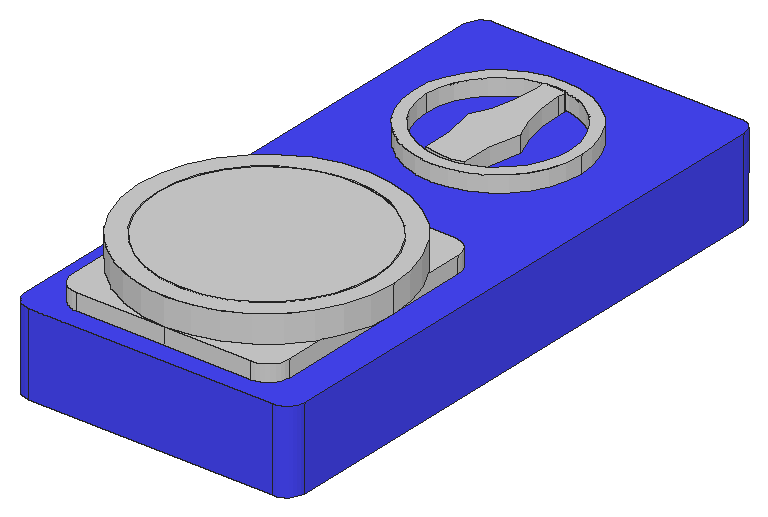
Revit family "Building-ConnessioniIEC309-GEWISS-67IB-PRESE-INTERBLOCCATE_IP67_SENZA_FONDO_FUS", category Apparecchi elettrici, host Superficie, Revit 2019
Family settings
  Host = Superficie
  Mantenere orientamento annotazione = Sì
  Quota connettore circolare = Usa diametro
  Tipo di parte = Normale
  Taglio con vuoti quando caricato = Sì
  Condiviso = Sì
  Punto di calcolo locali = Sì
Parameters (values of type "GW66358N - PR.BL IP67 S.F.3P+T 32A 380V 3H CBF")
  presa = rosso
  giallo = 0 mm
  dist_piano [instance] = 26 mm
  Vista_2d_pianta [instance] = yes
  Versione file RFA = "21.4"
  URL = "https://www.gewiss.com/it/it"
  Tipologia = "Verticale"
  Tipo fusibile = "Ø 10,3x38 mm"
  Termopressione con biglia = "125 °C"
  Tensione nominale: = "380 - 440 V"
  Tensione nominale di tenuta ad impulso = "4KV"
  Tensione nominale di isolamento (Ui) = "500V"
  Tensione nominale = "380 - 440 V"
  Temperatura di utilizzo = "-25 +40 °C"
  Temperatura di funzionamento = "-25 ÷ +40 °C"
  Struttura = Grigio RAL - 7035
  Simbolo presa = PRESAINDSTAGNA : 3P
  Simbolo [instance] = yes
  Simb_circuito [instance] = not(Simbolo)  # no
  Scheda Tecnica = "https://www.gewiss.com/it/it/search?q=GW66358N"
  SEO = "Presa"
  Riferimento h = "3"
  Resistenza agli urti = "IK08"
  Protezione = "Base portafusibile (CBF)"
  Default Elevation = 1219.2 mm
  Produttore = "GEWISS S.p.A."
  Potere di interruzione fusibili = "> 50 kA"
  Peso (kg) = "Max. 0,9 Kg"
  Peso = "Max. 0,9 Kg"
  Numero di poli = "3P+T"
  N. poli = "3P+T"
  Modello = "GW66358N"
  Immagine tipo = G.jpg
  IDT = "5410a18b-86cc-47a6-890a-93cf755ebe5d"
  IDF = "249aa0f0-cb6e-4699-9a5f-455441d8fc5e"
  Grado di protezione = "IP67"
  Glow wire test: = "850 °C"
  Glow Wire Test = "850 °C"
  Frequenza nominale (Hz) = "50/60 Hz"
  Frequenza = "50/60 Hz"
  Distanza x [instance] = 0 mm
  Distanza orizzontale simbolo [instance] = 100 mm
  Distanza effettiva x [instance] = 1500 mm - Distanza x  # 1500 mm
  Descrizione = "PR.BL IP67 S.F.3P+T 32A 380V 3H CBF"
  Creato da GEWISS S.p.A. = ""
  Corrente nominale di cortocircuito (Icc) = "10KA"
  Corrente nominale (In) presa IB = "28A"
  Corrente nominale (In) = "32"
  Corrente nominale (A) = "32"
  Corpo presa = GEWISS -BLU
  Cornice simbolo [instance] = yes
  Con fondo = "No"
  Colore: = "Rosso"
  Colore = "Rosso"
  Codice Electrocod = "2222"
  Codice EAN = "8011564742123"
  Catalogo Serie = "67 IB"
  Catalogo = "BUILDING"
  COBie.Tagnumber = ""
  COBie.CreatedOn = ""
  COBie.CreatebBy = ""
  COBie.ComponentRegisterItemID = ""
  COBie.Component.TagNumber = ""
  COBie.Component.Space = ""
  COBie.Component.SerialNumber = ""
  COBie.Component.InstallationDate = ""
  COBie.Component.Description = ""
  COBie.Component.BarCode = ""
Types (23, lengths in mm): name | Tensione nominale: | Tensione nominale | Scheda Tecnica | Riferimento h | Peso (kg) | Peso | Numero di poli | N. poli | Modello | IDT | Descrizione | Corrente nominale (In) presa IB | Corrente nominale (In) | Corrente nominale (A) | Colore: | Colore | Codice EAN
  GW66323N - PR.BL IP67 S.F.2P+T 16A 110V 4H CBF | "100 - 130 V" | "100 - 130 V" | "https://www.gewiss.com/it/it/search?q=GW66323N" | "4" | "Max. 0,8 Kg" | "Max. 0,8 Kg" | "2P+T" | "2P+T" | "GW66323N" | "30d79ac4-2994-493b-83da-67eb334196f1" | "PR.BL IP67 S.F.2P+T 16A 110V 4H CBF" | "16A" | "16" | "16" | "Giallo" | "Giallo" | "8011564741782"
  GW66324N - PR.BL IP67 S.F.3P+T 16A 110V 4H CBF | "100 - 130 V" | "100 - 130 V" | "https://www.gewiss.com/it/it/search?q=GW66324N" | "4" | "Max. 0,8 Kg" | "Max. 0,8 Kg" | "3P+T" | "3P+T" | "GW66324N" | "b737096d-32e9-4a17-9973-32a7bd1a8f18" | "PR.BL IP67 S.F.3P+T 16A 110V 4H CBF" | "16A" | "16" | "16" | "Giallo" | "Giallo" | "8011564741799"
  GW66325N - PR.BL IP67 S.F.3P+N+T 16A 110V 4H CBF | "100 - 130 V" | "100 - 130 V" | "https://www.gewiss.com/it/it/search?q=GW66325N" | "4" | "Max. 0,8 Kg" | "Max. 0,8 Kg" | "3P+N+T" | "3P+N+T" | "GW66325N" | "ca68a293-44aa-448d-9bb8-29f03c2f1c91" | "PR.BL IP67 S.F.3P+N+T 16A 110V 4H CBF" | "16A" | "16" | "16" | "Giallo" | "Giallo" | "8011564741805"
  GW66326N - PR.BL IP67 S.F.2P+T 16A 230V 6H CBF | "200 - 250 V" | "200 - 250 V" | "https://www.gewiss.com/it/it/search?q=GW66326N" | "6" | "Max. 0,8 Kg" | "Max. 0,8 Kg" | "2P+T" | "2P+T" | "GW66326N" | "a9e3162c-ff96-41f4-8e77-217883e49a5c" | "PR.BL IP67 S.F.2P+T 16A 230V 6H CBF" | "16A" | "16" | "16" | "Blu" | "Blu" | "8011564741812"
  GW66327N - PR.BL IP67 S.F.3P+T 16A 230V 9H CBF | "200 - 250 V" | "200 - 250 V" | "https://www.gewiss.com/it/it/search?q=GW66327N" | "9" | "Max. 0,8 Kg" | "Max. 0,8 Kg" | "3P+T" | "3P+T" | "GW66327N" | "734b57f8-2e70-4931-9afb-c6d39a5ca6d6" | "PR.BL IP67 S.F.3P+T 16A 230V 9H CBF" | "16A" | "16" | "16" | "Blu" | "Blu" | "8011564741829"
  GW66328N - PR.BL IP67 S.F.3P+N+T 16A 230V 9H CBF | "200 - 250 V" | "200 - 250 V" | "https://www.gewiss.com/it/it/search?q=GW66328N" | "9" | "Max. 0,8 Kg" | "Max. 0,8 Kg" | "3P+N+T" | "3P+N+T" | "GW66328N" | "8afb5152-b66f-44ac-86e9-8db1e74fc8e2" | "PR.BL IP67 S.F.3P+N+T 16A 230V 9H CBF" | "16A" | "16" | "16" | "Blu" | "Blu" | "8011564741836"
  GW66329N - PR.BL IP67 S.F.2P+T 16A 400V 9H CBF | "380 - 415 V" | "380 - 415 V" | "https://www.gewiss.com/it/it/search?q=GW66329N" | "9" | "Max. 0,8 Kg" | "Max. 0,8 Kg" | "2P+T" | "2P+T" | "GW66329N" | "756aa11f-ab36-4bf8-8036-62e657426888" | "PR.BL IP67 S.F.2P+T 16A 400V 9H CBF" | "16A" | "16" | "16" | "Rosso" | "Rosso" | "8011564741843"
  GW66330N - PR.BL IP67 S.F.3P+T 16A 400V 6H CBF | "380 - 415 V" | "380 - 415 V" | "https://www.gewiss.com/it/it/search?q=GW66330N" | "6" | "Max. 0,8 Kg" | "Max. 0,8 Kg" | "3P+T" | "3P+T" | "GW66330N" | "ca4c6d7c-ddbe-4232-8889-7f60049de3d5" | "PR.BL IP67 S.F.3P+T 16A 400V 6H CBF" | "16A" | "16" | "16" | "Rosso" | "Rosso" | "8011564741850"
  GW66331N - PR.BL IP67 S.F.3P+N+T 16A 400V 6H CBF | "380 - 415 V" | "380 - 415 V" | "https://www.gewiss.com/it/it/search?q=GW66331N" | "6" | "Max. 0,8 Kg" | "Max. 0,8 Kg" | "3P+N+T" | "3P+N+T" | "GW66331N" | "793e5e18-9df8-4895-a852-130dd075e20b" | "PR.BL IP67 S.F.3P+N+T 16A 400V 6H CBF" | "16A" | "16" | "16" | "Rosso" | "Rosso" | "8011564741867"
  GW66332N - PR.BL IP67 S.F.3P+T 16A 500V 7H CBF | "480 - 500 V" | "480 - 500 V" | "https://www.gewiss.com/it/it/search?q=GW66332N" | "7" | "Max. 0,8 Kg" | "Max. 0,8 Kg" | "3P+T" | "3P+T" | "GW66332N" | "d3b9197d-b131-4277-8429-b99123ced490" | "PR.BL IP67 S.F.3P+T 16A 500V 7H CBF" | "16A" | "16" | "16" | "Nero" | "Nero" | "8011564741874"
  GW66333N - PR.BL IP67 S.F.3P+N+T 16A 500V 7H CBF | "480 - 500 V" | "480 - 500 V" | "https://www.gewiss.com/it/it/search?q=GW66333N" | "7" | "Max. 0,8 Kg" | "Max. 0,8 Kg" | "3P+N+T" | "3P+N+T" | "GW66333N" | "bb4a6e47-3ced-40f1-b64d-7c0dce3364c1" | "PR.BL IP67 S.F.3P+N+T 16A 500V 7H CBF" | "16A" | "16" | "16" | "Nero" | "Nero" | "8011564741881"
  GW66334N - PR.BL IP67 S.F.2P+T 32A 110V 4H CBF | "100 - 130 V" | "100 - 130 V" | "https://www.gewiss.com/it/it/search?q=GW66334N" | "4" | "Max. 0,9 Kg" | "Max. 0,9 Kg" | "2P+T" | "2P+T" | "GW66334N" | "499bc88b-1250-4a71-8332-df835cabb904" | "PR.BL IP67 S.F.2P+T 32A 110V 4H CBF" | "32A" | "32" | "32" | "Giallo" | "Giallo" | "8011564741898"
  GW66335N - PR.BL IP67 S.F.3P+T 32A 110V 4H CBF | "100 - 130 V" | "100 - 130 V" | "https://www.gewiss.com/it/it/search?q=GW66335N" | "4" | "Max. 0,9 Kg" | "Max. 0,9 Kg" | "3P+T" | "3P+T" | "GW66335N" | "1cae1fb9-0543-4e5f-9bb7-775a21e7c699" | "PR.BL IP67 S.F.3P+T 32A 110V 4H CBF" | "28A" | "32" | "32" | "Giallo" | "Giallo" | "8011564741904"
  GW66336N - PR.BL IP67 S.F.3P+N+T 32A 110V 4H CBF | "100 - 130 V" | "100 - 130 V" | "https://www.gewiss.com/it/it/search?q=GW66336N" | "4" | "Max. 0,9 Kg" | "Max. 0,9 Kg" | "3P+N+T" | "3P+N+T" | "GW66336N" | "76f06d90-6a41-4650-b399-a6a17717fe08" | "PR.BL IP67 S.F.3P+N+T 32A 110V 4H CBF" | "28A" | "32" | "32" | "Giallo" | "Giallo" | "8011564741911"
  GW66337N - PR.BL IP67 S.F.2P+T 32A 230V 6H CBF | "200 - 250 V" | "200 - 250 V" | "https://www.gewiss.com/it/it/search?q=GW66337N" | "6" | "Max. 0,9 Kg" | "Max. 0,9 Kg" | "2P+T" | "2P+T" | "GW66337N" | "79f38b2c-9f13-432d-b464-524a90e4354e" | "PR.BL IP67 S.F.2P+T 32A 230V 6H CBF" | "32A" | "32" | "32" | "Blu" | "Blu" | "8011564741928"
  GW66338N - PR.BL IP67 S.F.3P+T 32A 230V 9H CBF | "200 - 250 V" | "200 - 250 V" | "https://www.gewiss.com/it/it/search?q=GW66338N" | "9" | "Max. 0,9 Kg" | "Max. 0,9 Kg" | "3P+T" | "3P+T" | "GW66338N" | "cc608149-310b-4ef9-b7fd-869bf80bbc6d" | "PR.BL IP67 S.F.3P+T 32A 230V 9H CBF" | "28A" | "32" | "32" | "Blu" | "Blu" | "8011564741935"
  GW66339N - PR.BL IP67 S.F.3P+N+T 32A 230V 9H CBF | "200 - 250 V" | "200 - 250 V" | "https://www.gewiss.com/it/it/search?q=GW66339N" | "9" | "Max. 0,9 Kg" | "Max. 0,9 Kg" | "3P+N+T" | "3P+N+T" | "GW66339N" | "c92023a9-5fbb-4c9d-b7d9-802bad0c0cca" | "PR.BL IP67 S.F.3P+N+T 32A 230V 9H CBF" | "28A" | "32" | "32" | "Blu" | "Blu" | "8011564741942"
  GW66340N - PR.BL IP67 S.F.2P+T 32A 400V 9H CBF | "380 - 415 V" | "380 - 415 V" | "https://www.gewiss.com/it/it/search?q=GW66340N" | "9" | "Max. 0,9 Kg" | "Max. 0,9 Kg" | "2P+T" | "2P+T" | "GW66340N" | "d3a9ba0b-089f-41f2-b9d4-61f0f3ffd9d0" | "PR.BL IP67 S.F.2P+T 32A 400V 9H CBF" | "32A" | "32" | "32" | "Rosso" | "Rosso" | "8011564741959"
  GW66341N - PR.BL IP67 S.F.3P+T 32A 400V 6H CBF | "380 - 415 V" | "380 - 415 V" | "https://www.gewiss.com/it/it/search?q=GW66341N" | "6" | "Max. 0,9 Kg" | "Max. 0,9 Kg" | "3P+T" | "3P+T" | "GW66341N" | "f40628d5-8155-4c22-97bc-23d10137e6f1" | "PR.BL IP67 S.F.3P+T 32A 400V 6H CBF" | "28A" | "32" | "32" | "Rosso" | "Rosso" | "8011564741966"
  GW66342N - PR.BL IP67 S.F.3P+N+T 32A 400V 6H CBF | "380 - 415 V" | "380 - 415 V" | "https://www.gewiss.com/it/it/search?q=GW66342N" | "6" | "Max. 0,9 Kg" | "Max. 0,9 Kg" | "3P+N+T" | "3P+N+T" | "GW66342N" | "acfff40d-79cc-4c4e-9dad-2aedba291622" | "PR.BL IP67 S.F.3P+N+T 32A 400V 6H CBF" | "28A" | "32" | "32" | "Rosso" | "Rosso" | "8011564741973"
  GW66343N - PR.BL IP67 S.F.3P+T 32A 500V 7H CBF | "480 - 500 V" | "480 - 500 V" | "https://www.gewiss.com/it/it/search?q=GW66343N" | "7" | "Max. 0,9 Kg" | "Max. 0,9 Kg" | "3P+T" | "3P+T" | "GW66343N" | "a0be41ed-42ca-45ef-904f-961e9b688339" | "PR.BL IP67 S.F.3P+T 32A 500V 7H CBF" | "28A" | "32" | "32" | "Nero" | "Nero" | "8011564741980"
  GW66344N - PR.BL IP67 S.F.3P+N+T 32A 500V 7H CBF | "480 - 500 V" | "480 - 500 V" | "https://www.gewiss.com/it/it/search?q=GW66344N" | "7" | "Max. 0,9 Kg" | "Max. 0,9 Kg" | "3P+N+T" | "3P+N+T" | "GW66344N" | "b744add1-c7d1-473a-b170-85a739cce033" | "PR.BL IP67 S.F.3P+N+T 32A 500V 7H CBF" | "28A" | "32" | "32" | "Nero" | "Nero" | "8011564741997"
  GW66358N - PR.BL IP67 S.F.3P+T 32A 380V 3H CBF | "380 - 440 V" | "380 - 440 V" | "https://www.gewiss.com/it/it/search?q=GW66358N" | "3" | "Max. 0,9 Kg" | "Max. 0,9 Kg" | "3P+T" | "3P+T" | "GW66358N" | "5410a18b-86cc-47a6-890a-93cf755ebe5d" | "PR.BL IP67 S.F.3P+T 32A 380V 3H CBF" | "28A" | "32" | "32" | "Rosso" | "Rosso" | "8011564742123"
Reference planes
  plane 1 "Centro (Fronte/Retro)": y = 0
  plane 2: z = 0
  plane 3 "Centro (Sinistra/Destra)": x = 0
  plane 4: z = -2
  plane 5: x = 0
  plane 6: x = -1500
  plane 7: x = 0
  plane 8: through (-170.762, -4572, -38.353) normal (-0.6157, 0, 0.788)
  plane 9: x = -51.152
  plane 10: x = 53.222
  plane 11: z = 24
  plane 12: y = -110
  plane 13: y = 110
  plane 14: z = 24
  plane 15: z = 71
Forms (mm)
  Extrusion 1, solid, detail levels coarse
    sketch origin (0, 0, 0) x (1, 0, 0) y (0, 0, 1)
      loop
        line (-51.152, 71) -> (-51.152, 24) -> (53.222, 24) -> (53.222, 71) -> (-51.152, 71)
    from -108.895 to 109.105
Lines and regions (mm)
  Masking region 1, visible <- "Vista_2d_pianta"
    outline origin (0, 0, 0) x (1, 0, 0) y (0, 0, 1)
      loop
        line (-50.384, 54) -> (-50.384, 24) -> (52.616, 24) -> (52.616, 54) -> (-50.384, 54)
  Masking region 2, visible <- "Vista_2d_pianta"
    outline origin (0, 0, 0) x (1, 0, 0) y (0, 0, 1)
      loop
        line (-40, 60) -> (-40, 54) -> (40, 54) -> (40, 60) -> (-40, 60)
  Masking region 3, visible <- "Vista_2d_pianta"
    outline origin (0, 0, 0) x (1, 0, 0) y (0, 0, 1)
      loop
        line (-46.899, 60) -> (46.899, 60) -> (46.899, 70) -> (-46.899, 70) -> (-46.899, 60)
Dimensions and locks
  locked: plane 2 to plane 4 at 2
  "Distanza effettiva x": plane 5 to plane 6
  plane 3 "Centro (Sinistra/Destra)" to plane 6 = 1500 mm
  plane 6 to plane 5 = 1500 mm
  "Distanza effettiva x": plane 6 to plane 7
  locked: plane 9 to Masking region 1 at 0.768
  locked: Masking region 1 to plane 10 at 0.606
  "dist_piano": plane 14 to plane 4
  equal spacing: plane 12, plane 1 "Centro (Fronte/Retro)", plane 13
  locked: plane 12 to plane 13 at 220
  locked: plane 11 to plane 14 at 0
  locked: plane 15 to plane 11 at 47
  angle plane 8 to plane 4 = 142.00°
  angle plane 7 to plane 8 = 128.00°
  aligned and locked: plane 2 to host face
  aligned and locked: level to host face
  aligned and locked: plane 3 "Centro (Sinistra/Destra)" to nested 1
  aligned and locked: Masking region 1 sketch curve to nested 1  (x4)
  aligned and locked: Masking region 2 sketch curve to nested 1  (x4)
  aligned and locked: Extrusion 1 sketch curve to plane 9
  aligned and locked: Extrusion 1 sketch curve to plane 10
  aligned and locked: nested 1 to plane 11
  aligned and locked: Masking region 3 sketch curve to nested 1  (x4)
  aligned and locked: Extrusion 1 to plane 14
  aligned and locked: plane 15 to Extrusion 1
  aligned and locked: plane 7 to nested 2
  aligned and locked: plane 7 to nested 3
Automatic sketch dimensions
  host sketch curve to host sketch curve = 2438.4 mm  (x2)
  Extrusion 1 sketch curve to plane 11 = 0 mm
  plane 11 to Extrusion 1 sketch curve = 47 mm
Nested families
  nested 1: "IB PRESE INTERBLOC VERT_NO FONDO" at (0, 0, 24), type "IB PRESE INTERBLOC VERT_NO FONDO", detail levels medium+fine
  nested 2: "simbolo_circuitoGW66324N" at (0, 30.442, 0), Distanza dal muro <- "Distanza orizzontale simbolo", SIMBOLO ACCESO <- "Simb_circuito", type "3P"
    with SIMBOLO ACCESO no, Distanza dal muro 100 mm, BORDO ACCESO yes
  nested 3: "PRESAINDSTAGNA" at (0, 23.722, 0), Distanza dal muro <- "Distanza orizzontale simbolo", SIMBOLO ACCESO <- "Simbolo", type "3P"
    with SIMBOLO ACCESO yes, Distanza dal muro 100 mm, BORDO ACCESO yes
Definition of nested family "IB PRESE INTERBLOC VERT_NO FONDO"
  Parameters (values of type "IB PRESE INTERBLOC VERT_NO FONDO")
    corpo presa = none
    Struttura = none
    Spessore = 30 mm
    Raggio = 40 mm
    Default Elevation = 14 mm
    Presa = none
    Lunghezza = 103 mm
    IFC.TypeObject = ""
    IFC.ExportType = ""
    IFC.ExportAs = ""
    H_da terra = 586.883 mm
    COBie.CreatedOn = ""
    COBie.CreatebBy = ""
    COBie.ComponentRegisterItemID = ""
    COBie.Component.TagNumber = ""
    COBie.Component.Space = ""
    COBie.Component.SerialNumber = ""
    COBie.Component.InstallationDate = ""
    COBie.Component.Description = ""
    COBie.Component.BarCode = ""
    Altezza = 220 mm
  Reference planes
    plane 1 "Centro (Fronte/Retro)": y = 0
    plane 2: z = 0
    plane 3 "Centro (Sinistra/Destra)": x = 0
    plane 4: z = 6.883
    plane 5: z = 10.499
    plane 6 "presa": z = 46
    plane 7: z = 36
    plane 8: z = 30
    plane 9: x = -40
    plane 10: x = 40
    plane 11: y = -5.355
    plane 12: y = -98.612
    plane 13: y = -51.359
  Forms (mm)
    Extrusion 1, solid, material <- "Struttura"
      sketch origin (0, -697.104, -30) x (1, 0, 0) y (0, 1, 0)
        loop
          line (-0.408, 691.748) -> (-32.003, 691.748)
          spline (-32.003, 691.748) -> (-33.047, 691.681) -> (-34.073, 691.48) -> (-35.063, 691.148) -> (-36.002, 690.693) -> (-36.871, 690.12) -> (-37.658, 689.441) -> (-38.347, 688.666) -> (-38.929, 687.809) -> (-39.391, 686.885) -> (-39.728, 685.909) -> (-39.932, 684.898) -> (-40, 683.87)
          line (-40, 683.87) -> (-40, 606.37)
          spline (-40, 606.37) -> (-39.932, 605.341) -> (-39.728, 604.331) -> (-39.391, 603.355) -> (-38.929, 602.43) -> (-38.347, 601.574) -> (-37.658, 600.799) -> (-36.871, 600.119) -> (-36.002, 599.547) -> (-35.063, 599.091) -> (-34.073, 598.76) -> (-33.047, 598.559) -> (-32.003, 598.491)
          line (-32.003, 598.491) -> (0, 598.491) -> (32.003, 598.491)
          spline (32.003, 598.491) -> (33.047, 598.559) -> (34.073, 598.76) -> (35.063, 599.091) -> (36.002, 599.547) -> (36.871, 600.119) -> (37.658, 600.799) -> (38.347, 601.574) -> (38.929, 602.43) -> (39.391, 603.355) -> (39.728, 604.331) -> (39.932, 605.341) -> (40, 606.37)
          line (40, 606.37) -> (40, 683.87)
          spline (40, 683.87) -> (39.932, 684.898) -> (39.728, 685.909) -> (39.391, 686.885) -> (38.929, 687.809) -> (38.347, 688.666) -> (37.658, 689.441) -> (36.871, 690.12) -> (36.002, 690.693) -> (35.063, 691.148) -> (34.073, 691.48) -> (33.047, 691.681) -> (32.003, 691.748)
          line (32.003, 691.748) -> (-0.408, 691.748)
      from 60 to 66
    Extrusion 2, solid, material <- "Presa"
      sketch origin (0, -700.854, -30) x (1, 0, 0) y (0, 1, 0)
        loop
          circle (0, 649.495) r 46.899
        loop
          circle (0, 649.495) r 40
      from 66 to 76
    Extrusion 3, solid, material <- "Struttura"
      sketch origin (0, -697.104, -30) x (1, 0, 0) y (0, 1, 0)
        loop
          circle (0, 752.384) r 30.831
        loop
          circle (0, 752.384) r 26.483
      from 60 to 66
    Extrusion 4, solid, material <- "Struttura"
      sketch origin (0, -697.104, -30) x (1, 0, 0) y (0, 1, 0)
        loop
          arc (-9.552, 750.899) -> (-7.429, 739.645) -> (-7.314, 728.193) r 64.983
          arc (-7.314, 728.193) -> (-0.131, 727.067) -> (7.064, 728.115) r 24.316
          arc (7.064, 728.115) -> (7.302, 739.566) -> (9.547, 750.796) r 64.983
          arc (9.547, 750.796) -> (5.519, 762.425) -> (4.215, 774.661) r 54.251
          line (4.215, 774.661) -> (4.25, 777.658)
          arc (4.25, 777.658) -> (3.985, 778.329) -> (3.336, 778.647) r 1
          arc (3.336, 778.647) -> (0.147, 778.794) -> (-3.043, 778.682) r 39.364
          arc (-3.043, 778.682) -> (-3.695, 778.371) -> (-3.967, 777.702) r 1
          line (-3.967, 777.702) -> (-3.964, 774.706)
          arc (-3.964, 774.706) -> (-5.4, 762.483) -> (-9.552, 750.899) r 54.251
      from 60 to 66
    Extrusion 5, solid, material <- "corpo presa"
      sketch origin (-2.5, -699.604, -30) x (1, 0, 0) y (0, 1, 0)
        loop
          arc (55.116, 802.193) -> (53.269, 806.652) -> (48.81, 808.499) r 6.306
          line (48.81, 808.499) -> (-41.578, 808.499)
          arc (-41.578, 808.499) -> (-46.037, 806.652) -> (-47.884, 802.193) r 6.306
          line (-47.884, 802.193) -> (-47.884, 600.052)
          arc (-47.884, 600.052) -> (-45.976, 595.446) -> (-41.369, 593.537) r 6.515
          line (-41.369, 593.537) -> (48.601, 593.537)
          arc (48.601, 593.537) -> (53.208, 595.446) -> (55.116, 600.052) r 6.515
          line (55.116, 600.052) -> (55.116, 802.193)
      from 30 to 60
    Extrusion 6, solid, material <- "Struttura", not visible
      sketch origin (0, 47.014, -580) x (1, 0, 0) y (0, 0, 1)
        loop
          line (-0.408, 691.748) -> (-29.506, 691.748)
          spline (-29.506, 691.748) -> (-30.55, 691.681) -> (-31.576, 691.48) -> (-32.567, 691.148) -> (-33.505, 690.693) -> (-34.375, 690.12) -> (-35.161, 689.441) -> (-35.851, 688.666) -> (-36.432, 687.809) -> (-36.895, 686.885) -> (-37.231, 685.909) -> (-37.435, 684.898) -> (-37.503, 683.87)
          line (-37.503, 683.87) -> (-37.503, 615.12)
          spline (-37.503, 615.12) -> (-37.435, 614.091) -> (-37.231, 613.081) -> (-36.895, 612.105) -> (-36.432, 611.18) -> (-35.851, 610.324) -> (-35.161, 609.549) -> (-34.375, 608.869) -> (-33.505, 608.297) -> (-32.567, 607.841) -> (-31.576, 607.51) -> (-30.55, 607.309) -> (-29.506, 607.241)
          line (-29.506, 607.241) -> (0, 607.241) -> (29.506, 607.241)
          spline (29.506, 607.241) -> (30.55, 607.309) -> (31.576, 607.51) -> (32.567, 607.841) -> (33.505, 608.297) -> (34.375, 608.869) -> (35.161, 609.549) -> (35.851, 610.324) -> (36.432, 611.18) -> (36.895, 612.105) -> (37.231, 613.081) -> (37.435, 614.091) -> (37.503, 615.12)
          line (37.503, 615.12) -> (37.503, 683.87)
          spline (37.503, 683.87) -> (37.435, 684.898) -> (37.231, 685.909) -> (36.895, 686.885) -> (36.432, 687.809) -> (35.851, 688.666) -> (35.161, 689.441) -> (34.375, 690.12) -> (33.505, 690.693) -> (32.567, 691.148) -> (31.576, 691.48) -> (30.55, 691.681) -> (29.506, 691.748)
          line (29.506, 691.748) -> (-0.408, 691.748)
      from 51.991 to 55.821
    Extrusion 7, solid, material <- "Presa", not visible
      sketch origin (0, 47.014, -580) x (1, 0, 0) y (0, 0, 1)
        loop
          circle (0, 646.456) r 46.899
      from 55.821 to 62.709
    Extrusion 8, solid, material <- "Struttura", not visible
      sketch origin (0, 47.014, -580) x (1, 0, 0) y (0, 0, 1)
        loop
          circle (0, 752.384) r 30.831
        loop
          circle (0, 752.384) r 26.483
      from 51.991 to 62.709
    Extrusion 9, solid, material <- "Struttura", not visible
      sketch origin (0, 47.014, -580) x (1, 0, 0) y (0, 0, 1)
        loop
          arc (-9.552, 750.899) -> (-7.429, 739.645) -> (-7.314, 728.193) r 64.983
          arc (-7.314, 728.193) -> (-0.131, 727.067) -> (7.064, 728.115) r 24.316
          arc (7.064, 728.115) -> (7.302, 739.566) -> (9.547, 750.796) r 64.983
          arc (9.547, 750.796) -> (5.519, 762.425) -> (4.215, 774.661) r 54.251
          line (4.215, 774.661) -> (4.25, 777.658)
          arc (4.25, 777.658) -> (3.985, 778.329) -> (3.336, 778.647) r 1
          arc (3.336, 778.647) -> (0.147, 778.794) -> (-3.043, 778.682) r 39.364
          arc (-3.043, 778.682) -> (-3.695, 778.371) -> (-3.967, 777.702) r 1
          line (-3.967, 777.702) -> (-3.964, 774.706)
          arc (-3.964, 774.706) -> (-5.4, 762.483) -> (-9.552, 750.899) r 54.251
      from 51.991 to 62.709
    Extrusion 10, solid, material <- "corpo presa", not visible
      sketch origin (0, 47.014, -580) x (1, 0, 0) y (0, 0, 1)
        loop
          arc (47.884, 796.962) -> (46.037, 801.42) -> (41.578, 803.267) r 6.306
          line (41.578, 803.267) -> (-41.578, 803.267)
          arc (-41.578, 803.267) -> (-46.037, 801.42) -> (-47.884, 796.962) r 6.306
          line (-47.884, 796.962) -> (-47.884, 597.014)
          arc (-47.884, 597.014) -> (-45.976, 592.407) -> (-41.369, 590.499) r 6.515
          line (-41.369, 590.499) -> (41.369, 590.499)
          arc (41.369, 590.499) -> (45.976, 592.407) -> (47.884, 597.014) r 6.515
          line (47.884, 597.014) -> (47.884, 796.962)
      from 30 to 51.991
    Extrusion 11, solid, material <- "Struttura"
      sketch origin (1.116, -3.75, 0) x (1, 0, 0) y (0, 1, 0)
        loop
          circle (-1.116, -47.609) r 40
      from 36 to 46
  Lines and regions (mm)
    symbolic lines
      curve 1: line (0, 0, 46) -> (0, -106.066, 46)
      curve 2: line (-40, -51.359, 46) -> (40, -51.359, 46)
  Dimensions and locks
    locked: plane 5 to plane 4 at 3.616
    Extrusion 5 sketch curve to Extrusion 5 sketch curve = 103 mm
    plane 6 "presa" to plane 2 = 46 mm
    locked: plane 7 to plane 6 "presa" at 10
    plane 8 to plane 2 = 30 mm
    locked: plane 8 to plane 7 at 6
    equal spacing: plane 9, plane 3 "Centro (Sinistra/Destra)", plane 10
    locked: plane 9 to plane 10 at 80
    Extrusion 1 to Extrusion 1 = 93.257 mm
    "Raggio": radius of Extrusion 11 sketch curve
    "Raggio": radius of Extrusion 2 sketch curve
    aligned and locked: level to plane 2
    aligned and locked: Extrusion 3 to Extrusion 5
    aligned and locked: Extrusion 4 to Extrusion 3
    aligned and locked: Extrusion 3 to Extrusion 4
    aligned and locked: Extrusion 2 to Extrusion 1
    aligned and locked: Extrusion 5 to level
    aligned and locked: plane 6 "presa" to Extrusion 2
    aligned and locked: Extrusion 11 to Extrusion 1
    aligned and locked: plane 6 "presa" to Extrusion 11
    aligned and locked: Extrusion 1 to plane 7
    aligned and locked: Extrusion 5 to plane 8
    aligned and locked: plane 8 to Extrusion 1
    aligned and locked: Extrusion 3 to plane 7
    aligned and locked: curve 1 to plane 3 "Centro (Sinistra/Destra)"
    aligned and locked: Extrusion 1 sketch curve to plane 9
    aligned and locked: Extrusion 1 sketch curve to plane 10
    aligned and locked: plane 12 to Extrusion 1 sketch curve
    aligned and locked: curve 2 to plane 13
    aligned and locked: plane 3 "Centro (Sinistra/Destra)" to Extrusion 11 sketch curve
    aligned and locked: plane 13 to Extrusion 11 sketch curve
  Automatic sketch dimensions
    Extrusion 1 sketch curve to plane 3 "Centro (Sinistra/Destra)" = 0 mm
    Extrusion 1 sketch curve to plane 3 "Centro (Sinistra/Destra)" = 0.408 mm
    Extrusion 1 sketch curve to Extrusion 1 sketch curve = 32.003 mm
    plane 1 "Centro (Fronte/Retro)" to Extrusion 1 sketch curve = 5.355 mm
    Extrusion 1 sketch curve to Extrusion 1 sketch curve = 7.997 mm  (x2)
    plane 3 "Centro (Sinistra/Destra)" to Extrusion 1 sketch curve = 32.003 mm
    Extrusion 1 sketch curve to Extrusion 1 sketch curve = 7.878 mm  (x3)
    Extrusion 3 sketch curve to Extrusion 3 sketch curve = 0 mm  (x2)
    Extrusion 3 sketch curve to plane 3 "Centro (Sinistra/Destra)" = 0 mm
    Extrusion 3 sketch curve to plane 1 "Centro (Fronte/Retro)" = 55.28 mm
    Extrusion 4 sketch curve to plane 3 "Centro (Sinistra/Destra)" = 0 mm
    Extrusion 4 sketch curve to plane 3 "Centro (Sinistra/Destra)" = 0.064 mm
    Extrusion 4 sketch curve to plane 3 "Centro (Sinistra/Destra)" = 2.967 mm
    Extrusion 4 sketch curve to Extrusion 4 sketch curve = 0.997 mm
    Extrusion 4 sketch curve to Extrusion 4 sketch curve = 1 mm  (x2)
    Extrusion 4 sketch curve to Extrusion 4 sketch curve = 54.251 mm
    Extrusion 4 sketch curve to Extrusion 4 sketch curve = 13.883 mm
    plane 3 "Centro (Sinistra/Destra)" to Extrusion 4 sketch curve = 3.25 mm
    Extrusion 4 sketch curve to Extrusion 4 sketch curve = 0.965 mm
    Extrusion 4 sketch curve to Extrusion 4 sketch curve = 54.25 mm
    Extrusion 4 sketch curve to Extrusion 4 sketch curve = 13.435 mm
    Extrusion 4 sketch curve to plane 1 "Centro (Fronte/Retro)" = 35.393 mm
    Extrusion 4 sketch curve to plane 1 "Centro (Fronte/Retro)" = 36.167 mm
    Extrusion 4 sketch curve to plane 1 "Centro (Fronte/Retro)" = 42.327 mm
    Extrusion 4 sketch curve to Extrusion 4 sketch curve = 11.953 mm
    Extrusion 4 sketch curve to Extrusion 4 sketch curve = 41.757 mm
    Extrusion 4 sketch curve to Extrusion 4 sketch curve = 23.278 mm
    Extrusion 4 sketch curve to Extrusion 4 sketch curve = 0.044 mm
    Extrusion 4 sketch curve to Extrusion 4 sketch curve = 41.61 mm
    Extrusion 4 sketch curve to Extrusion 4 sketch curve = 2.99 mm
    Extrusion 4 sketch curve to Extrusion 4 sketch curve = 0.007 mm
    Extrusion 4 sketch curve to Extrusion 4 sketch curve = 2.979 mm
    Extrusion 4 sketch curve to Extrusion 4 sketch curve = 0.018 mm
    Extrusion 4 sketch curve to Extrusion 4 sketch curve = 0 mm
    Extrusion 4 sketch curve to plane 3 "Centro (Sinistra/Destra)" = 7.314 mm
    Extrusion 4 sketch curve to Extrusion 4 sketch curve = 9.552 mm
    plane 3 "Centro (Sinistra/Destra)" to Extrusion 4 sketch curve = 7.064 mm
    Extrusion 5 sketch curve to plane 3 "Centro (Sinistra/Destra)" = 50.384 mm
    Extrusion 5 sketch curve to Extrusion 5 sketch curve = 6.306 mm  (x2)
    Extrusion 5 sketch curve to Extrusion 5 sketch curve = 6.515 mm  (x2)
    Extrusion 5 sketch curve to plane 1 "Centro (Fronte/Retro)" = 102.59 mm
    Extrusion 1 sketch curve to plane 12 = 7.878 mm
    plane 12 to Extrusion 5 sketch curve = 0.939 mm
    plane 1 "Centro (Fronte/Retro)" to curve 1 = 0 mm
    curve 2 to plane 9 = 0 mm
    curve 2 to plane 10 = 0 mm
    plane 12 to curve 1 = 7.454 mm
    Extrusion 2 sketch curve to Extrusion 2 sketch curve = 0 mm  (x2)
    Extrusion 2 sketch curve to plane 3 "Centro (Sinistra/Destra)" = 0 mm
    Extrusion 2 sketch curve to plane 13 = 0 mm
    radius of Extrusion 3 sketch curve = 30.831 mm
    radius of Extrusion 3 sketch curve = 26.483 mm
    radius of Extrusion 2 sketch curve = 46.899 mm
Definition of nested family "simbolo_circuitoGW66324N"
  Parameters (values of type "3P")
    SIMBOLO ACCESO [instance] = yes
    SIMBOLO = PRESAINDSTAGNA_BASE : 3P
    Distanza dal muro [instance] = 0 mm
    BORDO ACCESO [instance] = yes
  Reference planes
    plane 1: y = 0
    plane 2: x = 0
  Dimensions and locks
    "Distanza dal muro": plane 1 to nested 1
    aligned and locked: plane 2 to nested 1
  Nested families
    nested 1: "GW66201N-simb_base_di circuito" at (0, 0, 0), visible <- "SIMBOLO ACCESO", type "3P"
      with CORNICE SIMBOLO yes
  Definition of nested family "GW66201N-simb_base_di circuito"
    Parameters (values of type "3P")
      CORNICE SIMBOLO [instance] = yes
      3P = yes
    Types (2, lengths in mm): name | 3P
      3P | yes
      2P | no
    Reference planes
      plane 1: y = 0
      plane 2: x = 0
    Lines and regions (mm)
      detail lines, not visible
        curve 1: line (-2.443, 10.208, 0) -> (2.057, 10.208, 0)
        curve 2: line (2.057, 10.208, 0) -> (2.057, 4.208, 0)
        curve 3: line (2.057, 4.208, 0) -> (-2.443, 4.208, 0)
        curve 4: line (-2.443, 4.208, 0) -> (-2.443, 10.208, 0)
        curve 5: line (-2.043, 9.808, 0) -> (1.657, 9.808, 0)
        curve 6: line (1.657, 9.808, 0) -> (1.657, 4.608, 0)
        curve 7: line (1.657, 4.608, 0) -> (-2.043, 4.608, 0)
        curve 8: line (-2.043, 4.608, 0) -> (-2.043, 9.808, 0)
    Dimensions and locks
      aligned and locked: import instance to plane 2
      aligned and locked: plane 1 to import instance
Definition of nested family "PRESAINDSTAGNA"
  Parameters (values of type "3P")
    SIMBOLO ACCESO [instance] = yes
    SIMBOLO = PRESAINDSTAGNA_BASE : 3P
    Distanza dal muro [instance] = 0 mm
    BORDO ACCESO [instance] = yes
  Types (2): name
    2P
    3P
  Reference planes
    plane 1: y = 0
    plane 2: x = 0
  Dimensions and locks
    "Distanza dal muro": plane 1 to nested 1
    aligned and locked: plane 2 to nested 1
  Nested families
    nested 1: "PRESAINDSTAGNA_BASE" at (0, 0, 0), type <- "SIMBOLO", CORNICE SIMBOLO <- "BORDO ACCESO", visible <- "SIMBOLO ACCESO", type "3P"
  Definition of nested family "PRESAINDSTAGNA_BASE"
    Parameters (values of type "3P")
      CORNICE SIMBOLO [instance] = yes
      3P = yes
    Types (2, lengths in mm): name | 3P
      3P | yes
      2P | no
    Reference planes
      plane 1: y = 0
      plane 2: x = 0
    Lines and regions (mm)
      detail lines, not visible
        curve 1: line (-2.443, 10.208, 0) -> (2.057, 10.208, 0)
        curve 2: line (2.057, 10.208, 0) -> (2.057, 4.208, 0)
        curve 3: line (2.057, 4.208, 0) -> (-2.443, 4.208, 0)
        curve 4: line (-2.443, 4.208, 0) -> (-2.443, 10.208, 0)
        curve 5: line (-2.043, 9.808, 0) -> (1.657, 9.808, 0)
        curve 6: line (1.657, 9.808, 0) -> (1.657, 4.608, 0)
        curve 7: line (1.657, 4.608, 0) -> (-2.043, 4.608, 0)
        curve 8: line (-2.043, 4.608, 0) -> (-2.043, 9.808, 0)
      detail lines
        curve 9: line (-0.333, 0.928, 0) -> (-0.05, 0.928, 0)
        curve 10: line (-0.05, 0.928, 0) -> (0.417, 1.737, 0)
        curve 11: line (0.417, 1.737, 0) -> (0.764, 1.537, 0)
        curve 12: line (-0.05, 0.928, 0) -> (-0.333, 0.437, 0)
        curve 13: line (-0.333, 0.437, 0) -> (-0.333, 2.059, 0)
        curve 14: line (0.222, 1.399, 0) -> (0.569, 1.199, 0)
        curve 15: line (-0.723, 0.437, 0) -> (0.057, 0.437, 0)
        curve 16: line (-0.333, 0.81, 0) -> (-0.216, 0.928, 0)
        curve 17: line (-0.333, 0.741, 0) -> (-0.147, 0.928, 0)
        curve 18: line (-0.333, 0.672, 0) -> (-0.078, 0.928, 0)
        curve 19: line (-0.333, 0.603, 0) -> (-0.106, 0.831, 0)
        curve 20: line (-0.333, 0.534, 0) -> (-0.2, 0.668, 0)
        curve 22: arc (-0.723, 0.047, 0) -> (-0.333, 0.437, 0) -> (0.057, 0.047, 0) r 0.39
        curve 23: line (-0.8, 2.1, 0) -> (0.8, 2.1, 0)
        curve 24: line (-0.8, 0, 0) -> (-0.8, 2.1, 0)
        curve 25: line (0.8, 0, 0) -> (-0.8, 0, 0)
        curve 26: line (0.8, 2.1, 0) -> (0.8, 0, 0)
      detail lines, visible <- "3P"
        curve 21: line (0.028, 1.061, 0) -> (0.374, 0.861, 0)
